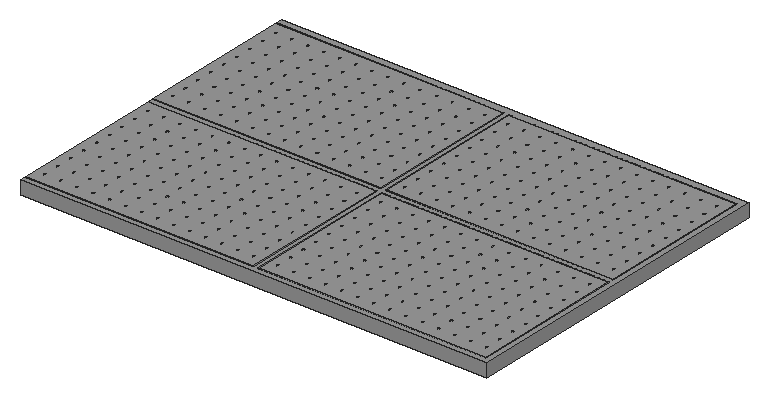
Revit family "砼护底 - 四块", category 常规模型, Revit 2019
Family settings
  可将钢筋附着到主体 = 是
  圆形连接件大小 = 使用直径
  零件类型 = 标准
  基于工作平面 = 否
  总是垂直 = 是
  加载时剪切的空心 = 是
  共享 = 否
  房间计算点 = 否
Parameters
  边缘格梗高度 = 800 mm
  边缘格梗宽度 [instance] = 400 mm
  砼护底材料 = 素混凝土 C25
  沙石垫层材料 = 沙石垫层
  沙石垫层厚 = 80 mm
  格梗材料 = 素混凝土 C25
  排水孔行数 [instance] = rounddown(单块护底纵向长度 / 排水孔行间距)  # 9
  排水孔列间距 = 1000 mm
  排水孔行间距 = 1000 mm
  排水孔半径 = 50 mm
  排水孔列数 [instance] = rounddown(单块护底水平长度 / 排水孔列间距)  # 14
  护底厚 = 200 mm
  总长度 [instance] = 29000 mm
  总宽度 [instance] = 20300 mm
  型号 = "BOTTOM_PROTECTION"
  单块护底纵向长度 [instance] = (总宽度 - 中心格梗宽度 - 2 * 边缘格梗宽度) / 2  # 9600 mm
  单块护底水平长度 [instance] = (总长度 - 中心格梗宽度 - 边缘格梗宽度) / 2  # 14150 mm
  中心格梗高度 = 500 mm
  中心格梗宽度 [instance] = 300 mm
  y [instance] = (单块护底纵向长度 - (排水孔行数 - 1) * 排水孔行间距) / 2  # 800 mm
  x [instance] = (单块护底水平长度 - (排水孔列数 - 1) * 排水孔列间距) / 2  # 575 mm
Reference planes
  plane 1 "中心(前/后)": y = 0
  plane 2: z = 0
  plane 3 "中心(左/右)": x = 0
  plane 4: y = 10150
  plane 5: y = -10150
  plane 6: y = -9750
  plane 7: y = 9750
  plane 8: x = 14150
  plane 9: x = 14450
  plane 10: x = 28600
  plane 11: x = 29000
  plane 12: y = 150
  plane 13: y = -150
  plane 14: z = -200
  plane 15: z = -280
  plane 16: z = -500
  plane 17: z = -800
  plane 18: y = 950
  plane 19: x = 575
  plane 20: x = 15025
  plane 21: y = -8950
Forms (mm)
  Extrusion 1, solid, material "素混凝土 C25" <- "砼护底材料"
    sketch origin (0, 0, 0) x (1, 0, 0) y (0, 1, 0)
      loop
        line (0, 9750) -> (0, 150) -> (14150, 150) -> (14150, 9750) -> (0, 9750)
      loop
        line (14450, 9750) -> (14450, 150) -> (28600, 150) -> (28600, 9750) -> (14450, 9750)
      loop
        line (0, -150) -> (0, -9750) -> (14150, -9750) -> (14150, -150) -> (0, -150)
      loop
        line (14450, -150) -> (14450, -9750) -> (28600, -9750) -> (28600, -150) -> (14450, -150)
    from 0 to -200
  Extrusion 2, solid, material "沙石垫层" <- "沙石垫层材料"
    sketch origin (0, 0, 0) x (1, 0, 0) y (0, 1, 0)
      loop
        line (0, 9750) -> (0, 150) -> (14150, 150) -> (14150, 9750) -> (0, 9750)
      loop
        line (14450, 9750) -> (14450, 150) -> (28600, 150) -> (28600, 9750) -> (14450, 9750)
      loop
        line (0, -150) -> (0, -9750) -> (14150, -9750) -> (14150, -150) -> (0, -150)
      loop
        line (14450, -150) -> (14450, -9750) -> (28600, -9750) -> (28600, -150) -> (14450, -150)
    from -200 to -280
  Extrusion 3, solid, material "素混凝土 C25" <- "格梗材料"
    sketch origin (0, 0, 0) x (1, 0, 0) y (0, 1, 0)
      loop
        line (0, 10150) -> (0, 9750) -> (14150, 9750) -> (14150, -9750) -> (0, -9750) -> (0, -10150) -> (29000, -10150) -> (29000, 10150) -> (0, 10150)
      loop
        line (14450, 9750) -> (14450, -9750) -> (28600, -9750) -> (28600, 9750) -> (14450, 9750)
    from 0 to -800
  Extrusion 4, solid, material "素混凝土 C25" <- "格梗材料"
    sketch origin (0, 0, 0) x (1, 0, 0) y (0, 1, 0)
      loop
        line (0, 150) -> (0, -150) -> (14150, -150) -> (14150, 150) -> (0, 150)
      loop
        line (28600, 150) -> (14450, 150) -> (14450, -150) -> (28600, -150) -> (28600, 150)
    from 0 to -500
Cuts and joins
  joined: Extrusion 3, Extrusion 4
Dimensions and locks
  equal spacing: plane 12, plane 1 "中心(前/后)", plane 13
  "边缘格梗宽度": plane 4 to plane 7
  "边缘格梗宽度": plane 5 to plane 6
  "中心格梗宽度": plane 12 to plane 13
  "中心格梗宽度": plane 8 to plane 9
  "边缘格梗宽度": plane 10 to plane 11
  "单块护底水平长度": plane 3 "中心(左/右)" to plane 8
  "单块护底水平长度": plane 9 to plane 10
  "单块护底纵向长度": plane 7 to plane 12
  "护底厚": level to plane 14
  "沙石垫层厚": plane 14 to plane 15
  "中心格梗高度": level to plane 16
  "边缘格梗高度": level to plane 17
  "x": plane 3 "中心(左/右)" to plane 19
  "x": plane 9 to plane 20
  "y": plane 18 to plane 12
  "单块护底纵向长度": plane 13 to plane 6
  "y": plane 21 to plane 6
  aligned and locked: level to plane 2
  aligned and locked: Extrusion 1 sketch curve to plane 7
  aligned and locked: plane 7 to Extrusion 1 sketch curve
  aligned and locked: Extrusion 1 sketch curve to plane 8
  aligned and locked: Extrusion 1 sketch curve to plane 9  (x2)
  aligned and locked: plane 3 "中心(左/右)" to Extrusion 1 sketch curve
  aligned and locked: Extrusion 1 sketch curve to plane 3 "中心(左/右)"
  aligned and locked: Extrusion 1 sketch curve to plane 12
  aligned and locked: plane 12 to Extrusion 1 sketch curve
  aligned and locked: plane 13 to Extrusion 1 sketch curve  (x2)
  aligned and locked: plane 8 to Extrusion 1 sketch curve
  aligned and locked: plane 6 to Extrusion 1 sketch curve  (x2)
  aligned and locked: plane 10 to Extrusion 1 sketch curve  (x2)
  aligned and locked: Extrusion 1 to plane 14
  aligned and locked: Extrusion 1 to level
  aligned and locked: Extrusion 2 sketch curve to plane 12  (x2)
  aligned and locked: plane 13 to Extrusion 2 sketch curve
  aligned and locked: Extrusion 2 sketch curve to plane 3 "中心(左/右)"  (x2)
  aligned and locked: plane 8 to Extrusion 2 sketch curve  (x2)
  aligned and locked: plane 6 to Extrusion 2 sketch curve
  aligned and locked: plane 7 to Extrusion 2 sketch curve  (x2)
  aligned and locked: Extrusion 2 sketch curve to plane 9
  aligned and locked: plane 10 to Extrusion 2 sketch curve
  aligned and locked: Extrusion 2 sketch curve to plane 13
  aligned and locked: plane 9 to Extrusion 2 sketch curve
  aligned and locked: Extrusion 2 sketch curve to plane 6
  aligned and locked: Extrusion 2 sketch curve to plane 10
  aligned and locked: Extrusion 2 to plane 15
  aligned and locked: Extrusion 3 sketch curve to plane 4
  aligned and locked: Extrusion 3 sketch curve to plane 7
  aligned and locked: plane 7 to Extrusion 3 sketch curve
  aligned and locked: plane 3 "中心(左/右)" to Extrusion 3 sketch curve
  aligned and locked: plane 8 to Extrusion 3 sketch curve
  aligned and locked: plane 9 to Extrusion 3 sketch curve
  aligned and locked: plane 6 to Extrusion 3 sketch curve
  aligned and locked: Extrusion 3 sketch curve to plane 6
  aligned and locked: plane 5 to Extrusion 3 sketch curve
  aligned and locked: Extrusion 3 sketch curve to plane 10
  aligned and locked: Extrusion 3 sketch curve to plane 11
  aligned and locked: level to Extrusion 3
  aligned and locked: Extrusion 3 to plane 17
  aligned and locked: plane 14 to Extrusion 2
  aligned and locked: Extrusion 4 sketch curve to plane 12
  aligned and locked: Extrusion 4 sketch curve to plane 10
  aligned and locked: plane 13 to Extrusion 4 sketch curve
  aligned and locked: plane 9 to Extrusion 4 sketch curve
  aligned and locked: plane 12 to Extrusion 4 sketch curve
  aligned and locked: Extrusion 4 sketch curve to plane 13
  aligned and locked: plane 8 to Extrusion 4 sketch curve
  aligned and locked: Extrusion 4 sketch curve to plane 3 "中心(左/右)"
  aligned and locked: level to Extrusion 4
  aligned and locked: Extrusion 4 to plane 16
  aligned and locked: nested 1 to plane 19
  aligned and locked: nested 1 to plane 18
  aligned and locked: nested 3 to plane 19
  aligned and locked: plane 21 to nested 3
  aligned and locked: nested 2 to plane 20
  aligned and locked: nested 2 to plane 18
  aligned and locked: nested 4 to plane 20
  aligned and locked: plane 21 to nested 4
Automatic sketch dimensions
  Extrusion 3 sketch curve to plane 3 "中心(左/右)" = 0 mm
Nested families
  nested 1: "排水孔_阵列" at (575, 950, 0), 孔半径 <- "排水孔半径", 行间距 <- "排水孔行间距", 列间距 <- "排水孔列间距", 行数 <- "排水孔行数", 列数 <- "排水孔列数", type "排水孔_阵列"
    with 行间距 1000 mm, 行数 9, 孔半径 50 mm, 列间距 1000 mm, 列数 14
  nested 2: "排水孔_阵列" at (15025, 950, 0), 孔半径 <- "排水孔半径", 行间距 <- "排水孔行间距", 列间距 <- "排水孔列间距", 行数 <- "排水孔行数", 列数 <- "排水孔列数", type "排水孔_阵列"
    with 行间距 1000 mm, 行数 9, 孔半径 50 mm, 列间距 1000 mm, 列数 14
  nested 3: "排水孔_阵列" at (575, -8950, 0), 孔半径 <- "排水孔半径", 行间距 <- "排水孔行间距", 列间距 <- "排水孔列间距", 行数 <- "排水孔行数", 列数 <- "排水孔列数", type "排水孔_阵列"
    with 行间距 1000 mm, 行数 9, 孔半径 50 mm, 列间距 1000 mm, 列数 14
  nested 4: "排水孔_阵列" at (15025, -8950, 0), 孔半径 <- "排水孔半径", 行间距 <- "排水孔行间距", 列间距 <- "排水孔列间距", 行数 <- "排水孔行数", 列数 <- "排水孔列数", type "排水孔_阵列"
    with 行间距 1000 mm, 行数 9, 孔半径 50 mm, 列间距 1000 mm, 列数 14
Definition of nested family "排水孔_阵列"
  Parameters (values of type "排水孔_阵列")
    Default Elevation = 1219.2 mm
    行间距 [instance] = 600 mm
    孔半径 [instance] = 50 mm
    列数 [instance] = 4
    列间距 [instance] = 700 mm
    行数 [instance] = 7
  Reference planes
    plane 1 "中心(前/后)": y = 0
    plane 2: z = 0
    plane 3 "中心(左/右)": x = 0
    plane 4: y = 600
    plane 5: x = 700
  Forms (mm)
    Extrusion 1, solid
      sketch origin (0, 0, 0) x (1, 0, 0) y (0, 1, 0)
        loop
          line (-1219.2, 30000) -> (-1219.2, -1219.2) -> (34087.079, -1219.2) -> (34087.079, 30000) -> (-1219.2, 30000)
      from 0 to -304.8
  Dimensions and locks
    "行间距": plane 4 to plane 1 "中心(前/后)"
    "列间距": plane 3 "中心(左/右)" to plane 5
    equal spacing: group 1, group 2, group 3, group 4  (x3)
    aligned and locked: Extrusion 1 to plane 2
    aligned and locked: Extrusion 1 to level
    aligned and locked: plane 3 "中心(左/右)" to nested 1
    aligned and locked: plane 1 "中心(前/后)" to nested 1
    aligned and locked: plane 1 "中心(前/后)" to nested 2
    aligned and locked: plane 5 to nested 2
  Automatic sketch dimensions
    Extrusion 1 sketch curve to Extrusion 1 sketch curve = 35306.279 mm
    Extrusion 1 sketch curve to Extrusion 1 sketch curve = 31219.2 mm
  Nested families
    nested 1: "排水孔_列" at (0, 0, 0), 孔半径 <- "孔半径", 行间距 <- "行间距", 行数 <- "行数", type "排水孔_列"
      with 行间距 600 mm, 行数 7, 孔半径 50 mm
    nested 2: "排水孔_列" at (700, 0, 0), 孔半径 <- "孔半径", 行间距 <- "行间距", 行数 <- "行数", type "排水孔_列"
      with 行间距 600 mm, 行数 7, 孔半径 50 mm
    nested 3: "排水孔_列" at (1400, 0, 0), 孔半径 <- "孔半径", 行间距 <- "行间距", 行数 <- "行数", type "排水孔_列"
      with 行间距 600 mm, 行数 7, 孔半径 50 mm
    nested 4: "排水孔_列" at (2100, 0, 0), 孔半径 <- "孔半径", 行间距 <- "行间距", 行数 <- "行数", type "排水孔_列"
      with 行间距 600 mm, 行数 7, 孔半径 50 mm
  Definition of nested family "排水孔_列"
    Parameters (values of type "排水孔_列")
      Default Elevation = 1219.2 mm
      行间距 [instance] = 700 mm
      孔半径 [instance] = 50 mm
      行数 [instance] = 4
    Reference planes
      plane 1 "中心(前/后)": y = 0
      plane 2: z = 0
      plane 3 "中心(左/右)": x = 0
      plane 4: y = 700
    Forms (mm)
      Extrusion 1, solid
        sketch origin (0, 0, 0) x (1, 0, 0) y (0, 1, 0)
          loop
            line (-1219.2, 30000) -> (-1219.2, -1219.2) -> (34087.079, -1219.2) -> (34087.079, 30000) -> (-1219.2, 30000)
        from 0 to -304.8
    Dimensions and locks
      "行间距": plane 4 to plane 1 "中心(前/后)"
      equal spacing: group 1, group 2, group 3, group 4  (x3)
      aligned and locked: Extrusion 1 to plane 2
      aligned and locked: Extrusion 1 to level
      aligned and locked: plane 3 "中心(左/右)" to nested 1
      aligned and locked: plane 1 "中心(前/后)" to nested 1
      aligned and locked: nested 2 to plane 4
    Automatic sketch dimensions
      Extrusion 1 sketch curve to Extrusion 1 sketch curve = 35306.279 mm
      Extrusion 1 sketch curve to Extrusion 1 sketch curve = 31219.2 mm
    Nested families
      nested 1: "单_排水孔" at (0, 0, 0), type "单_排水孔"
        with 孔半径 50 mm
      nested 2: "单_排水孔" at (0, 700, 0), type "单_排水孔"
        with 孔半径 50 mm
      nested 3: "单_排水孔" at (0, 1400, 0), type "单_排水孔"
        with 孔半径 50 mm
      nested 4: "单_排水孔" at (0, 2100, 0), type "单_排水孔"
        with 孔半径 50 mm
    Definition of nested family "单_排水孔"
      Parameters (values of type "单_排水孔")
        Default Elevation = 1219.2 mm
        孔半径 [instance] = 50 mm
      Reference planes
        plane 1 "中心(前/后)": y = 0
        plane 2: z = 0
        plane 3 "中心(左/右)": x = 0
      Forms (mm)
        Extrusion 1, solid
          sketch origin (0, 0, 0) x (1, 0, 0) y (0, 1, 0)
            loop
              line (-1219.2, 1219.2) -> (-1219.2, -1219.2) -> (1219.2, -1219.2) -> (1219.2, 1219.2) -> (-1219.2, 1219.2)
          from 0 to -304.8
        Extrusion 2, void
          sketch origin (0, 0, 0) x (1, 0, 0) y (0, 1, 0)
            loop
              circle (0, 0) r 50
          from -9999 to 9999
      Dimensions and locks
        "孔半径": radius of Extrusion 2 sketch curve
        aligned and locked: plane 2 to Extrusion 1
        aligned and locked: level to Extrusion 1
      Automatic sketch dimensions
        Extrusion 1 sketch curve to Extrusion 1 sketch curve = 2438.4 mm  (x2)
        plane 1 "中心(前/后)" to Extrusion 2 sketch curve = 0 mm
        Extrusion 2 sketch curve to plane 3 "中心(左/右)" = 0 mm
